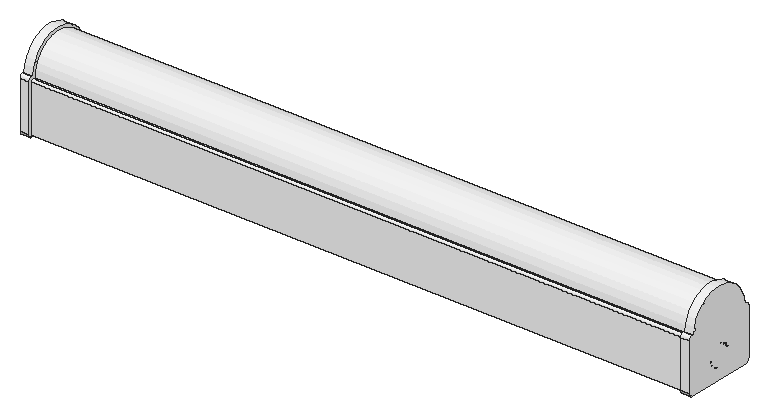
Revit family "0045194 Feilo Sylvania Lighting Fixture SYLBATTEN LED1 6000K DALI TP5 ", category Lighting Fixtures, host Face, Revit 2017
Family settings
  Host = Face
  Round Connector Dimension = Use Diameter
  Part Type = Normal
  OmniClass Number = 23.80.70.00
  OmniClass Title = Lighting
  Cut with Voids When Loaded = No
  Light Source = Yes
  Shared = No
  Room Calculation Point = No
Parameters (values of type "0045194 SYLBATTEN LED1 6000K DALI TP5")
  Width_FEILO = 66 mm
  Weight = "1.5 kg"
  Wattage Comments = "n/a"
  Wattage = 11 W
  WarrantyStartDate [instance] = "n/a"
  WarrantyGuarantorParts = "n/a"
  WarrantyDurationUnit = "n/a"
  WarrantyDurationParts = "n/a"
  WarrantyDescription = "n/a"
  built-in parameter 1150110 = 1 (stored number, unit not read)
  Voltage = 230 V
  URL = "http://www.sylvania-lighting.com"
  TypeName = "SYLBATTEN LED1 6000K DALI TP5"
  Type Image = <None>
  Type Comments = "n/a"
  built-in parameter 1114217 = 1 (stored number, unit not read)
  Tilt Angle = -90.00°
  built-in parameter 1150109 = 1 (stored number, unit not read)
  built-in parameter 1150134 = 5
  SymReflector_FEILO = no
  built-in parameter 1150113 = 1 (stored number, unit not read)
  SerialNumber [instance] = "n/a"
  PowerFactor = 0
  PowerConsumption = "11 W"
  Photometric Web File = "0045194.ies"
  NominalLength = 605 mm
  NominalHeight = 76 mm
  NominalDepth = 66 mm
  Name = "SYLBATTEN LED1 6000K DALI TP5"
  ModelReference = Name  # "SYLBATTEN LED1 6000K DALI TP5"
  ModelNumber = "0045194"
  Model = Name  # "SYLBATTEN LED1 6000K DALI TP5"
  Material_4_FEILO = Reflector-Sylvania-Sylbatten-White
  Material_3_FEILO = Diffuser-Sylvania-Sylbatten-Glow
  Material_2_FEILO = Body-Sylvania-Sylbatten-White
  Material_1_FEILO = Body-Sylvania-Sylbatten-White
  Material = "sheet steel housing, polycarbonate diffuser"
  ManufacturerName = "Feilo Sylvania"
  Manufacturer = "Feilo Sylvania"
  LuminousEfficacy = "110 lm/W"
  built-in parameter 1150105 = 96.289 (stored number, unit not read)
  Lumens = 1210 lm
  LuminaireType = ""
  built-in parameter 1150115 = 1 (stored number, unit not read)
  LightOutputRatio = "100"
  built-in parameter 1150137 = (empty or 0)
  built-in parameter 1150139 = (empty or 0)
  Length_FEILO = 605 mm
  LampsType = Lamp  # "LED"
  LampNominalLuminous = "1210 lm"
  LampMacAdamStep = "n/a"
  LampColourTemperature = "6000 K"
  LampColourRenderingIndex = "80"
  built-in parameter 1150112 = 1 (stored number, unit not read)
  built-in parameter 1150114 = 1 (stored number, unit not read)
  Lamp = "LED"
  Keynote = "16500"
  InstallationDate [instance] = "n/a"
  InputVoltage = "220-240V~"
  InputNominalFrequency = "n/a"
  built-in parameter 1150132 = (empty or 0)
  built-in parameter 1150102 = (empty or 0)
  built-in parameter 1150107 = 6000 (stored number, unit not read)
  built-in parameter 1150138 = (empty or 0)
  IngressProtection = "IP20"
  ImpactProtectionIndex = "IK07"
  built-in parameter 1150106 = 0.96289 (stored number, unit not read)
  IfcExportType = "IfcLightFixtureType"
  IfcExportAs = "IfcLightFixtureType"
  Height_FEILO = 76 mm
  ExpectedLife = 50000
  Emit from Rectangle Width = Length_FEILO - 16 mm  # 589 mm
  Emit from Rectangle Length = Width_FEILO - 40 mm  # 26 mm
  Emit Shape Visible in Rendering = no
  ElectricShockClassification = "Class I"
  built-in parameter 1150104 = 10.219 (stored number, unit not read)
  DurationUnit = "hours"
  DocumentationLiterature = "http://www.sylvania-lighting.com/product/en-int/products/0045194"
  DimmingControlOptions = "Dimmable"
  Dimming Lamp Color Temperature Shift = <None>
  Description = "LED batten, T8 replacement, ease of installation through 2 part push-in design of the housing (safety cable included), through wiring capability (TP5 = 5 core), sheet steel, 1210LM, 11W, 110lm/W, 6000K, drive current: 350mA, CRI 80, 138° wide beam angle, DALI dimmable, IP20, IK07, 50,000 hrs (L70), (LxWxH) 605x66x76mm, 5 step MacAdam ellipse, 1.8kg, white RAL 9016, Class 1, 220-240V, energy class: A++, A+, A."
  Default Elevation = 1219.2 mm
  CreatedOn = "2/22/2018"
  CreatedBy = ""
  Cost = 0
  Color Filter = 16777215
  built-in parameter 1114216 [instance] = (empty or 0)
  ClassificationValue = "EF_70_80"
  ClassificationName = "Uniclass2015"
  CapOffset_FEILO = 2 mm
  BarCode [instance] = "n/a"
  built-in parameter 1114218 = 1 (stored number, unit not read)
  BackReflector_FEILO = and(not(AsymReflector_FEILO), SymReflector_FEILO)  # no
  built-in parameter 1150133 = 10 (stored number, unit not read)
  FrontReflector_FEILO = or(AsymReflector_FEILO, SymReflector_FEILO)  # no
  AsymReflector_FEILO = no
  AssetType = "Fixed"
  AssetIdentifier [instance] = "n/a"
  Assembly Code = "D5020200"
  Apparent Load = 11 VA
Reference planes
  plane 1 "Center (Front/Back)": y = 0
  plane 2: z = 0
  plane 3 "Center (Left/Right)": x = 0
  plane 4: x = 302.5
  plane 5: x = -302.5
  plane 6: y = 33
  plane 7: y = -33
  plane 8: z = 76
  plane 9: z = 47
  plane 10: y = -29
  plane 11: y = 29
  plane 12: z = 20
  plane 13: z = 74
  plane 14: y = -31
  plane 15: y = -27
  plane 16: y = 27
  plane 17: y = 31
  plane 18: z = 2
  plane 19: x = -294.5
  plane 20: x = 294.5
  plane 21: z = 49
  plane 22: y = 1
  plane 23: y = -1
  plane 24: z = 21
  plane 25: z = 19
  plane 26: y = -61
  plane 27: y = 61
  plane 28: y = -56
  plane 29: y = 56
  plane 30: z = 91
  plane 31: z = 88
Forms (mm)
  Extrusion 1, solid, material "Body-Sylvania-Sylbatten-White" <- "Material_2_FEILO"
    sketch origin (0, 0, 0) x (0, 1, 0) y (0, 0, 1)
      loop
        line (-31, 2) -> (31, 2) -> (31, 45)
        arc (31, 45) -> (30.414, 46.414) -> (29, 47) r 2
        line (29, 47) -> (27, 47)
        arc (27, 47) -> (0, 74) -> (-27, 47) r 27
        line (-27, 47) -> (-29, 47)
        arc (-29, 47) -> (-30.414, 46.414) -> (-31, 45) r 2
        line (-31, 45) -> (-31, 2)
    from -294.5 to 294.5
  Extrusion 2, solid, material "Body-Sylvania-Sylbatten-White" <- "Material_2_FEILO"
    sketch origin (302.5, 1524, 1219.2) x (0, 1, 0) y (0, 0, 1)
      loop
        arc (-1494, -1219.2) -> (-1491.879, -1218.321) -> (-1491, -1216.2) r 3
        line (-1491, -1216.2) -> (-1491, -1173.2)
        arc (-1491, -1173.2) -> (-1491.879, -1171.079) -> (-1494, -1170.2) r 3
        line (-1494, -1170.2) -> (-1495.069, -1170.2)
        arc (-1495.069, -1170.2) -> (-1524, -1143.2) -> (-1552.931, -1170.2) r 29
        line (-1552.931, -1170.2) -> (-1554, -1170.2)
        arc (-1554, -1170.2) -> (-1556.121, -1171.079) -> (-1557, -1173.2) r 3
        line (-1557, -1173.2) -> (-1557, -1216.2)
        arc (-1557, -1216.2) -> (-1556.121, -1218.321) -> (-1554, -1219.2) r 3
        line (-1554, -1219.2) -> (-1494, -1219.2)
      loop
        arc (-1525, -1189.25) -> (-1531.071, -1192.129) -> (-1533.95, -1198.2) r 10
        line (-1533.95, -1198.2) -> (-1532.944, -1198.2)
        arc (-1532.944, -1198.2) -> (-1530.364, -1192.836) -> (-1525, -1190.256) r 9
        line (-1525, -1190.256) -> (-1525, -1189.25)
      loop
        arc (-1523, -1190.256) -> (-1517.636, -1192.836) -> (-1515.056, -1198.2) r 9
        line (-1515.056, -1198.2) -> (-1514.05, -1198.2)
        arc (-1514.05, -1198.2) -> (-1516.929, -1192.129) -> (-1523, -1189.25) r 10
        line (-1523, -1189.25) -> (-1523, -1190.256)
      loop
        line (-1532.944, -1200.2) -> (-1533.95, -1200.2)
        arc (-1533.95, -1200.2) -> (-1531.071, -1206.271) -> (-1525, -1209.15) r 10
        line (-1525, -1209.15) -> (-1525, -1208.144)
        arc (-1525, -1208.144) -> (-1530.364, -1205.564) -> (-1532.944, -1200.2) r 9
      loop
        arc (-1515.056, -1200.2) -> (-1517.636, -1205.564) -> (-1523, -1208.144) r 9
        line (-1523, -1208.144) -> (-1523, -1209.15)
        arc (-1523, -1209.15) -> (-1516.929, -1206.271) -> (-1514.05, -1200.2) r 10
        line (-1514.05, -1200.2) -> (-1515.056, -1200.2)
    from 0 to -8
  Extrusion 3, solid, material "Body-Sylvania-Sylbatten-White" <- "Material_2_FEILO"
    sketch origin (-302.5, 1524, 1219.2) x (0, 1, 0) y (0, 0, 1)
      loop
        arc (-1495.069, -1170.2) -> (-1524, -1143.2) -> (-1552.931, -1170.2) r 29
        line (-1552.931, -1170.2) -> (-1554, -1170.2)
        arc (-1554, -1170.2) -> (-1556.121, -1171.079) -> (-1557, -1173.2) r 3
        line (-1557, -1173.2) -> (-1557, -1216.2)
        arc (-1557, -1216.2) -> (-1556.121, -1218.321) -> (-1554, -1219.2) r 3
        line (-1554, -1219.2) -> (-1494, -1219.2)
        arc (-1494, -1219.2) -> (-1491.879, -1218.321) -> (-1491, -1216.2) r 3
        line (-1491, -1216.2) -> (-1491, -1173.2)
        arc (-1491, -1173.2) -> (-1491.879, -1171.079) -> (-1494, -1170.2) r 3
        line (-1494, -1170.2) -> (-1495.069, -1170.2)
      loop
        line (-1533.95, -1198.2) -> (-1532.944, -1198.2)
        arc (-1532.944, -1198.2) -> (-1530.364, -1192.836) -> (-1525, -1190.256) r 9
        line (-1525, -1190.256) -> (-1525, -1189.25)
        arc (-1525, -1189.25) -> (-1531.071, -1192.129) -> (-1533.95, -1198.2) r 10
      loop
        line (-1523, -1189.25) -> (-1523, -1190.256)
        arc (-1523, -1190.256) -> (-1517.636, -1192.836) -> (-1515.056, -1198.2) r 9
        line (-1515.056, -1198.2) -> (-1514.05, -1198.2)
        arc (-1514.05, -1198.2) -> (-1516.929, -1192.129) -> (-1523, -1189.25) r 10
      loop
        line (-1514.05, -1200.2) -> (-1515.056, -1200.2)
        arc (-1515.056, -1200.2) -> (-1517.636, -1205.564) -> (-1523, -1208.144) r 9
        line (-1523, -1208.144) -> (-1523, -1209.15)
        arc (-1523, -1209.15) -> (-1516.929, -1206.271) -> (-1514.05, -1200.2) r 10
      loop
        line (-1525, -1209.15) -> (-1525, -1208.144)
        arc (-1525, -1208.144) -> (-1530.364, -1205.564) -> (-1532.944, -1200.2) r 9
        line (-1532.944, -1200.2) -> (-1533.95, -1200.2)
        arc (-1533.95, -1200.2) -> (-1531.071, -1206.271) -> (-1525, -1209.15) r 10
    from 0 to 8
  Extrusion 4, solid, material "Reflector-Sylvania-Sylbatten-White" <- "Material_4_FEILO", visible <- "FrontReflector_FEILO"
    sketch origin (0, 0, 0) x (0, 1, 0) y (0, 0, 1)
      loop
        line (-61.257, 88.429) -> (-60.743, 87.571) -> (-56.621, 90.044)
        arc (-56.621, 90.044) -> (-56.237, 90.099) -> (-55.929, 89.863) r 0.5
        line (-55.929, 89.863) -> (-31.435, 46.753) -> (-30.565, 47.247) -> (-55.312, 90.802)
        arc (-55.312, 90.802) -> (-55.928, 91.275) -> (-56.696, 91.165) r 1
        line (-56.696, 91.165) -> (-61.257, 88.429)
    from -294.5 to 294.5
  Extrusion 5, solid, material "Reflector-Sylvania-Sylbatten-White" <- "Material_4_FEILO", visible <- "BackReflector_FEILO"
    sketch origin (0, 0, 0) x (0, 1, 0) y (0, 0, 1)
      loop
        line (30.565, 47.247) -> (31.435, 46.753) -> (55.932, 89.868)
        arc (55.932, 89.868) -> (56.245, 90.112) -> (56.638, 90.062) r 0.518
        line (56.638, 90.062) -> (61.033, 87.565) -> (61.527, 88.435) -> (56.682, 91.188)
        arc (56.682, 91.188) -> (55.922, 91.282) -> (55.318, 90.812) r 1
        line (55.318, 90.812) -> (30.565, 47.247)
    from -294.5 to 294.5
Lines and regions (mm)
  reference lines
    curve 1: line (0, -61, 88) -> (0, -56, 91)
    curve 2: line (0, -56, 91) -> (0, -31, 47)
    curve 3: line (0, 31, 47) -> (0, 56, 91)
    curve 4: line (0, 56, 91) -> (0, 61.28, 88)
Dimensions and locks
  equal spacing: plane 5, plane 3 "Center (Left/Right)", plane 4
  equal spacing: plane 7, plane 1 "Center (Front/Back)", plane 6
  "Width_FEILO": plane 7 to plane 6
  "Length_FEILO": plane 5 to plane 4
  "Height_FEILO": plane 8 to plane 2
  locked: plane 9 to plane 8 at 29
  equal spacing: plane 10, plane 1 "Center (Front/Back)", plane 11
  locked: plane 7 to plane 10 at 4
  locked: plane 12 to plane 2 at 20
  "CapOffset_FEILO": plane 13 to plane 8
  "CapOffset_FEILO": plane 7 to plane 14
  "CapOffset_FEILO": plane 10 to plane 15
  "CapOffset_FEILO": plane 17 to plane 6
  "CapOffset_FEILO": plane 16 to plane 11
  "CapOffset_FEILO": plane 18 to plane 2
  locked: plane 14 to Extrusion 1 sketch curve at 2
  locked: Extrusion 1 sketch curve to plane 9 at 2  (x2)
  locked: plane 16 to Extrusion 1 sketch curve at 2
  equal spacing: plane 19, plane 3 "Center (Left/Right)", plane 20
  locked: plane 5 to plane 19 at 8
  "CapOffset_FEILO": plane 9 to plane 21
  locked: Extrusion 2 sketch curve to plane 2 at 47
  locked: Extrusion 1 sketch curve to plane 2 at 47
  locked: Extrusion 2 sketch curve to plane 2 at 3  (x2)
  locked: plane 7 to Extrusion 2 sketch curve at 3  (x2)
  locked: Extrusion 2 sketch curve to plane 6 at 3  (x2)
  locked: Extrusion 2 sketch curve to plane 21 at 3  (x2)
  equal spacing: plane 23, plane 1 "Center (Front/Back)", plane 22
  equal spacing: plane 25, plane 12, plane 24
  plane 30 to plane 31 to plane 2 = 3 mm locked, 88 mm locked
  plane 28 to plane 29 = 112 mm
  plane 26 to plane 27 = 122 mm
  aligned and locked: plane 2 to host face
  aligned and locked: level to host face
  aligned and locked: plane 18 to Extrusion 1 sketch curve
  aligned and locked: plane 14 to Extrusion 1 sketch curve
  aligned and locked: Extrusion 1 sketch curve to plane 9  (x2)
  aligned and locked: Extrusion 1 sketch curve to plane 17
  aligned and locked: plane 15 to Extrusion 1 sketch curve
  aligned and locked: plane 16 to Extrusion 1 sketch curve
  aligned and locked: plane 9 to Extrusion 1 sketch curve
  aligned and locked: plane 20 to Extrusion 1
  aligned and locked: level to Extrusion 2 sketch curve
  aligned and locked: Extrusion 2 sketch curve to plane 7
  aligned and locked: plane 21 to Extrusion 2 sketch curve
  aligned and locked: Extrusion 2 sketch curve to plane 21
  aligned and locked: plane 1 "Center (Front/Back)" to Extrusion 2 sketch curve  (x3)
  aligned and locked: Extrusion 2 to Extrusion 1
  aligned and locked: plane 4 to Extrusion 2
  aligned and locked: plane 12 to Extrusion 2 sketch curve  (x2)
  aligned and locked: Extrusion 2 sketch curve to plane 22
  aligned and locked: Extrusion 2 sketch curve to plane 23
  aligned and locked: Extrusion 2 sketch curve to plane 24
  aligned and locked: Extrusion 2 sketch curve to plane 25
  aligned and locked: plane 25 to Extrusion 2 sketch curve
  aligned and locked: plane 22 to Extrusion 2 sketch curve
  aligned and locked: plane 24 to Extrusion 2 sketch curve
  aligned and locked: plane 23 to Extrusion 2 sketch curve  (x2)
  aligned and locked: Extrusion 3 sketch curve to Extrusion 2  (x22)
  aligned and locked: Extrusion 3 to Extrusion 1
  aligned and locked: Extrusion 3 to plane 5
  aligned and locked: plane 19 to Extrusion 3
  aligned and locked: plane 31 to curve 1
  aligned and locked: plane 30 to curve 1
  aligned and locked: plane 14 to curve 2
  aligned and locked: plane 9 to curve 2
  aligned and locked: plane 17 to curve 3
  aligned and locked: plane 30 to curve 3
  aligned and locked: plane 31 to curve 4
  aligned and locked: Extrusion 4 sketch curve to curve 2
  aligned and locked: Extrusion 4 sketch curve to curve 1
  aligned and locked: Extrusion 4 to Extrusion 1
  aligned and locked: Extrusion 1 to Extrusion 4
  aligned and locked: imposter light to plane 1 "Center (Front/Back)"
  aligned and locked: imposter light to plane 3 "Center (Left/Right)"
  aligned and locked: imposter light to plane 13
  aligned and locked: Extrusion 5 sketch curve to curve 4
  aligned and locked: Extrusion 5 sketch curve to curve 3
  aligned and locked: Extrusion 1 to Extrusion 5
  aligned and locked: Extrusion 5 to Extrusion 1
Automatic sketch dimensions
  host sketch curve to host sketch curve = 2438.4 mm  (x2)
  Extrusion 2 sketch curve to Extrusion 2 sketch curve = 0 mm  (x14)
  Extrusion 2 sketch curve to plane 10 = 0.069 mm
  plane 23 to Extrusion 2 sketch curve = 8.95 mm
  Extrusion 2 sketch curve to Extrusion 2 sketch curve = 1.006 mm  (x4)
  Extrusion 2 sketch curve to plane 22 = 7.944 mm
  curve 1 to plane 26 = 0 mm
  curve 2 to plane 28 = 0 mm
  curve 4 to plane 29 = 0 mm
  plane 9 to curve 3 = 0 mm
  plane 26 to Extrusion 4 sketch curve = 0.257 mm
  Extrusion 4 sketch curve to plane 26 = 0.257 mm
  Extrusion 4 sketch curve to plane 30 = 0.165 mm
  plane 28 to Extrusion 4 sketch curve = 0.696 mm
  plane 28 to Extrusion 4 sketch curve = 0.621 mm
  plane 28 to Extrusion 4 sketch curve = 0.364 mm
  plane 28 to Extrusion 4 sketch curve = 0.182 mm
  Extrusion 4 sketch curve to plane 28 = 0.071 mm
  plane 30 to Extrusion 4 sketch curve = 0.198 mm
  Extrusion 4 sketch curve to plane 28 = 0.688 mm
  plane 9 to Extrusion 4 sketch curve = 0.247 mm
  plane 1 "Center (Front/Back)" to Extrusion 4 sketch curve = 31.435 mm
  Extrusion 5 sketch curve to plane 9 = 0.247 mm
  Extrusion 5 sketch curve to plane 1 "Center (Front/Back)" = 30.565 mm
  plane 9 to Extrusion 5 sketch curve = 0.247 mm
  plane 30 to Extrusion 5 sketch curve = 0.188 mm
  plane 29 to Extrusion 5 sketch curve = 0.068 mm
  Extrusion 5 sketch curve to plane 29 = 0.188 mm
  Extrusion 5 sketch curve to plane 29 = 0.382 mm
  Extrusion 5 sketch curve to Extrusion 5 sketch curve = 0.256 mm
  Extrusion 5 sketch curve to plane 30 = 0.188 mm
  Extrusion 5 sketch curve to plane 29 = 0.682 mm
  Extrusion 5 sketch curve to plane 27 = 0.033 mm
  Extrusion 5 sketch curve to plane 27 = 0.527 mm
Connectors
  electrical at (0, 0, 0), driven by "Apparent Load", driven by "PowerFactor", driven by "Voltage"
    settings: index 1, voltage 230 V, apparent load 11 VA, apparent load phase1 0 VA, apparent load phase2 0 VA, apparent load phase3 0 VA, power factor 0, load classification "Lighting", number of poles 1, system type 30, power factor state 1, is connector primary yes, connector utility no, sub classification motor no, connector description ""
